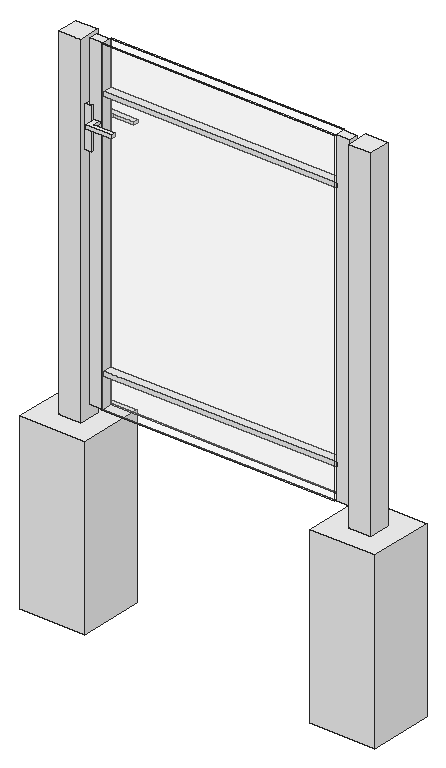
Revit family "NBS_BetafenceLimited_SStlGts_CreazenSingle", category Doors, host Face, Revit 2016
Family settings
  Host = Face
  OmniClass Number = 23.11.25.15.17
  OmniClass Title = Swinging Gates
  Cut with Voids When Loaded = No
  Shared = No
  Room Calculation Point = No
Parameters (values of type "Creazen Single")
  WidthOptions = "1200 mm"
  Width = 1440 mm
  WarrantyStartDate [instance] = "1900-12-31T23:59:59"
  WarrantyGuarantorParts = "n/a"
  WarrantyGuarantorLabor = "n/a"
  WarrantyDurationUnit = "year"
  WarrantyDurationParts = "n/a"
  WarrantyDurationLabor = "n/a"
  WarrantyDescription = "n/a"
  Version = "1"  # constant formula
  UpperHingeOffset = 180 mm
  Uniclass2015Version = "Products v1.6"
  Uniclass2015Title = "Stainless steel gates"
  Uniclass2015Code = "Pr_30_59_34_80"
  ThermalTransmittance = 0
  TagNumber [instance] = "n/a"
  SustainabilityPerformance = "n/a"
  SmokeStop = no
  Size = "To be taken from CAD"
  Shape = "n/a"
  SerialNumber [instance] = "n/a"
  SelfClosing = no
  SecurityRating = "n/a"
  SecurityLevel = "n/a"
  Revision = "n/a"
  ReplacementCost = "n/a"
  Reference = "n/a"
  ProductInformation = "//www.betafence.com/en/creazen-swing-gate"
  Posts = "n/a"
  NominalWidth = Width - PostWidth * 2  # 1240 mm
  NominalLength = 0 mm
  NominalHeight = Height  # 1568 mm
  Name = "StainlessSteelGates_CreazenSingle_BetafenceLimited"
  NBSTypeID = "n/a"
  NBSReference = "45-25-35/313"
  NBSOfficeMasterTag = "n/a"
  NBSNote = "n/a"
  NBSDescription = "Stainless steel gates"
  NBSCertification = "www.nationalbimlibrary.com/cert/hdg2pkf5"
  ModelReference = "Creazen Single"
  ModelNumber = "n/a"
  Material = "steel: Type S235 JRH class 1, in accordance with EN 10219-1"
  ManufacturerURL = "www.betafence.co.uk"
  ManufacturerName = "Betafence Limited"  # constant formula
  Manufacturer = "sales.sheffield@betafence.com"  # constant formula
  LowerHingeOffset = 170 mm
  LeafFrameThickness = 60 mm  # constant formula
  IsExternal = yes
  InstallationDate [instance] = "1900-12-31T23:59:59"
  Infiltration = 0
  IfcExportType = "GATE"  # constant formula
  IfcExportAs = "IfcDoorType"  # constant formula
  HeightOptions = "1495 mm"
  HasFoundation [instance] = yes
  HardwareSecuring = "n/a"
  HardwareOperating = "n/a"
  HardwareHinges = "n/a"
  HandicapAccessible = no
  Grade = "n/a"
  GlazingAreaFraction = 0
  GateLeaves = "n/a"
  FireRating = "n/a"
  FireExit = no
  FinishLayerThickness [instance] = 20 mm
  PostMountDepth = 750 mm
  PostLeafGap = 20 mm  # constant formula
  Operation = "SINGLE_SWING_RIGHT"
  LeafWidth [instance] = Width - PostWidth * 2 - 10 mm - PostLeafGap / 2  # 1220 mm
  LeafThickness = 40 mm  # constant formula
  LeafMaterial = NBS_BetafenceLimited_StainlessSteelGates_Creazen_Grid
  PostWidth = 100 mm  # constant formula
  PostThickness = 100 mm  # constant formula
  Height = 1568 mm
  Function = Exterior
  Frame/MullionMaterial = NBS_Concept
  FoundationWidth [instance] = 300 mm
  FoundationMaterial = NBS_Concept
  FoundationDepth [instance] = 800 mm
  Finish = "Polyester coated"
  Features = "n/a"
  ExpectedLife = "n/a"
  DurationUnit = "year"
  Diameter = 0 mm
  Description = "Swing gate"
  Default Elevation = 0 mm
  Construction Type = "STEEL"
  Constituents = "n/a"
  Color = "Green (RAL 6005), black (RAL 9005)"
  CodePerformance = "CE Marking"
  Category = "Pr_30_59_34_80: Stainless steel gates"
  BarCode [instance] = "n/a"
  BIMObjectName = "NBS_BetafenceLimited_StainlessSteelGates_CreazenSingle"
  Author = "NBS"  # constant formula
  AssetType = "Fixed"
  AssetIdentifier [instance] = "n/a"
  Applications = "n/a"
  AcousticRating = "n/a"
  AccessibilityPerformance = "n/a"
  AccessControl = "n/a"
Reference planes
  plane 1 "Center (Front/Back)": y = 0
  plane 2: z = 0
  plane 3 "Center (Left/Right)": x = 0
  plane 4: x = -720
  plane 5: x = 720
  plane 6: x = -620
  plane 7: x = 620
  plane 8: y = 50
  plane 9: y = -50
  plane 10: z = -750
  plane 11: z = 1568
  plane 12: x = -600
  plane 13: z = 50
  plane 14: x = 600
  plane 15: y = 20
  plane 16: y = -20
  plane 17: y = 30
  plane 18: y = -30
  plane 19: z = -20
  plane 20: z = -820
  plane 21 "LatchPostCL": x = -670
  plane 22 "HingePostCL": x = 670
  plane 23: x = -820
  plane 24: x = -520
  plane 25: y = 150
  plane 26: y = -150
  plane 27: x = 820
  plane 28: x = 520
  plane 29: y = 10
  plane 30: y = -10
  plane 31: z = 1290
  plane 32: z = 1130
  plane 33: x = -460
  plane 34: y = 1378
  plane 35: z = 1508
  plane 36: x = 540
  plane 37: x = -540
  plane 38: z = 110
  plane 39: x = -595
  plane 40: x = -586
  plane 41: y = -29
  plane 42: z = 1104
  plane 43: z = 1294
  plane 44: x = 633
  plane 45: x = 650
  plane 46: x = 690
  plane 47: y = 78
  plane 48: y = 98
  plane 49: z = 170
  plane 50: z = 230
  plane 51: z = 1388
  plane 52: z = 1328
  plane 53: x = 627
  plane 54: z = 200
  plane 55: z = 1358
  plane 56: x = 622
  plane 57: x = 582
  plane 58: y = 158
  plane 59: y = -75
  plane 60: y = 75
  plane 61: y = -54
  plane 62: y = 54
  plane 63: x = -565
  plane 64: z = 1232
  plane 65: z = 1239
  plane 66: z = 1225
  plane 67: x = -554
  plane 68: x = -576
  plane 69: x = -457
  plane 70: z = 210
  plane 71: z = 190
  plane 72: z = 1368
  plane 73: z = 1348
  plane 74: y = 70
  plane 75: z = 217
  plane 76: z = 183
  plane 77: z = 1375
  plane 78: z = 1341
Forms (mm)
  Extrusion 1, solid, material "NBS_Concept" <- "Frame/MullionMaterial"
    sketch origin (0, 0, 0) x (1, 0, 0) y (0, 1, 0)
      loop
        line (-720, 50) -> (-720, -50) -> (-620, -50) -> (-620, 50) -> (-720, 50)
      loop
        line (620, 50) -> (620, -50) -> (720, -50) -> (720, 50) -> (620, 50)
    from -750 to 1568
  Extrusion 2, solid, material "NBS_Concept" <- "Frame/MullionMaterial", detail levels medium+fine
    sketch origin (0, 0, 0) x (1, 0, 0) y (0, 0, 1)
      loop
        line (-600, 1568) -> (-600, 50) -> (-540, 50) -> (-540, 1568) -> (-600, 1568)
      loop
        line (600, 50) -> (600, 1568) -> (540, 1568) -> (540, 50) -> (600, 50)
    from -20 to 20
  Extrusion 3, solid, material "NBS_BetafenceLimited_StainlessSteelGates_Creazen_Grid" <- "LeafMaterial", detail levels medium+fine
    sketch origin (0, 0, 0) x (1, 0, 0) y (0, 0, 1)
      loop
        line (-540, 1568) -> (-540, 50) -> (540, 50) -> (540, 1568) -> (-540, 1568)
    from 20 to 30
  Extrusion 4, void
    sketch origin (0, 0, 0) x (1, 0, 0) y (0, 1, 0)
      loop
        line (-720, 50) -> (-720, -50) -> (-620, -50) -> (-620, 50) -> (-720, 50)
      loop
        line (620, 50) -> (620, -50) -> (720, -50) -> (720, 50) -> (620, 50)
    from -750 to 0
  Extrusion 5, void
    sketch origin (0, 0, 0) x (1, 0, 0) y (0, 1, 0)
      loop
        line (-820, 150) -> (-820, -150) -> (-520, -150) -> (-520, 150) -> (-820, 150)
      loop
        line (520, 150) -> (520, -150) -> (820, -150) -> (820, 150) -> (520, 150)
    from -820 to -20
  Extrusion 6, solid, material "NBS_Concept" <- "FoundationMaterial", visible <- "HasFoundation"
    sketch origin (0, 0, 0) x (1, 0, 0) y (0, 1, 0)
      loop
        line (-820, 150) -> (-820, -150) -> (-520, -150) -> (-520, 150) -> (-820, 150)
      loop
        line (520, 150) -> (520, -150) -> (820, -150) -> (820, 150) -> (520, 150)
    from -820 to -20
  Extrusion 7, solid, material "NBS_BetafenceLimited_StainlessSteelGates_Creazen_Grid" <- "LeafMaterial", detail levels coarse
    sketch origin (0, 0, 0) x (1, 0, 0) y (0, 0, 1)
      loop
        line (-600, 1568) -> (-600, 50) -> (600, 50) -> (600, 1568) -> (-600, 1568)
    from -30 to 30
  Extrusion 8, solid, material "NBS_Concept" <- "Frame/MullionMaterial", detail levels medium+fine
    sketch origin (0, 0, 0) x (1, 0, 0) y (0, 1, 0)
      loop
        line (-595, 20) -> (-620, 20) -> (-620, -29) -> (-586, -29) -> (-586, -20) -> (-595, -20) -> (-595, 20)
    from 1104 to 1294
  Extrusion 9, solid, material "NBS_Concept" <- "Frame/MullionMaterial", detail levels fine
    sketch origin (0, 0, 0) x (1, 0, 0) y (0, 1, 0)
      loop
        line (650, 78) -> (650, 50) -> (690, 50) -> (690, 78)
        arc (690, 78) -> (670, 98) -> (650, 78) r 20
    from 170 to 230
  Extrusion 10, solid, material "NBS_Concept" <- "Frame/MullionMaterial", detail levels medium
    sketch origin (0, 0, 0) x (1, 0, 0) y (0, 1, 0)
      loop
        line (650, 98) -> (650, 50) -> (690, 50) -> (690, 98) -> (650, 98)
    from 170 to 230
  Extrusion 11, solid, material "NBS_Concept" <- "Frame/MullionMaterial", detail levels coarse
    sketch origin (0, 0, 0) x (1, 0, 0) y (0, 1, 0)
      loop
        line (650, 98) -> (650, 50) -> (690, 50) -> (690, 98) -> (650, 98)
    from 1328 to 1388
  Extrusion 12, solid, material "NBS_Concept" <- "Frame/MullionMaterial", detail levels medium+fine
    sketch origin (0, 0, 0) x (1, 0, 0) y (0, 1, 0)
      loop
        line (650, 78) -> (650, 50) -> (690, 50) -> (690, 78)
        arc (690, 78) -> (670, 98) -> (650, 78) r 20
    from 1328 to 1388
  Extrusion 13, solid, material "NBS_Concept" <- "Frame/MullionMaterial", detail levels medium+fine
    sketch origin (0, 0, 0) x (1, 0, 0) y (0, 1, 0)
      loop
        line (-554, -54) -> (-554, 54) -> (-457, 54) -> (-457, 75) -> (-576, 75) -> (-576, -75) -> (-457, -75) -> (-457, -54) -> (-554, -54)
    from 1225 to 1239
  Extrusion 14, solid, material "NBS_BetafenceLimited_StainlessSteelGates_Creazen_Grid", detail levels medium+fine
    sketch origin (0, 0, 0) x (1, 0, 0) y (0, 0, 1)
      loop
        line (-540, 1568) -> (-540, 50) -> (540, 50) -> (540, 1568) -> (-540, 1568)
    from -30 to -20
  Extrusion 15, solid, material "NBS_Concept" <- "Frame/MullionMaterial", detail levels medium+fine
    sketch origin (0, 0, 0) x (1, 0, 0) y (0, 0, 1)
      loop
        line (540, 1368) -> (-540, 1368) -> (-540, 1348) -> (540, 1348) -> (540, 1368)
      loop
        line (540, 190) -> (540, 210) -> (-540, 210) -> (-540, 190) -> (540, 190)
    from -20 to 20
  Sweep 16, solid, material "NBS_Concept" <- "Frame/MullionMaterial", detail levels medium+fine
    path origin (0, 0, 0) x (1, 0, 0) y (0, 1, 0)
      loop
        line (670, 70) -> (614, 70)
        arc (614, 70) -> (604.101, 65.899) -> (600, 56) r 14
        line (600, 56) -> (600, -20)
    profile origin (642, 70, 0) x (0, -1, 0) y (0, 0, 1)
      loop
        line (0, 1375) -> (0, 1341) -> (3, 1341) -> (3, 1375) -> (0, 1375)
      loop
        line (0, 217) -> (0, 183) -> (3, 183) -> (3, 217) -> (0, 217)
Cuts and joins
  Extrusion 4 cuts Extrusion 6
Lines and regions (mm)
  symbolic lines, style "DoorsPanelProjection", detail levels medium+fine
    curve 1: line (622, 1378, 0) -> (622, 158, 0)
    curve 2: line (622, 1378, 0) -> (582, 1378, 0)
    curve 3: line (582, 1378, 0) -> (582, 158, 0)
    curve 4: line (582, 158, 0) -> (622, 158, 0)
  symbolic lines, style "Plan Swing", detail levels medium+fine
    curve 5: arc (-600, 20, 0) -> (-308.112, 959.346, 0) -> (582, 1378, 0) r 1220
  symbolic lines, style "Plan Swing", detail levels coarse
    curve 6: arc (670, 1378, 0) -> (-257.685, 988.714, 0) -> (-629.778, 54, 0) r 1300
  symbolic lines, style "DoorsPanelProjection", detail levels coarse
    curve 7: line (670, 50, 0) -> (670, 1378, 0)
Dimensions and locks
  equal spacing: plane 8, plane 1 "Center (Front/Back)", plane 9
  "PostThickness": plane 8 to plane 9
  "PostMountDepth": plane 2 to plane 10
  "Height": plane 11 to plane 2
  "PostLeafGap": plane 7 to plane 14
  "PostWidth": plane 6 to plane 4
  "PostWidth": plane 7 to plane 5
  "Width": plane 5 to plane 4
  equal spacing: plane 5, plane 3 "Center (Left/Right)", plane 4
  equal spacing: plane 15, plane 1 "Center (Front/Back)", plane 16
  "LeafThickness": plane 15 to plane 16
  equal spacing: plane 17, plane 1 "Center (Front/Back)", plane 18
  equal spacing: plane 6, plane 21 "LatchPostCL", plane 4
  equal spacing: plane 7, plane 22 "HingePostCL", plane 5
  locked: plane 13 to plane 2 at 50
  "FinishLayerThickness": plane 2 to plane 19
  equal spacing: plane 23, plane 21 "LatchPostCL", plane 24
  "FoundationWidth": plane 23 to plane 24
  equal spacing: plane 25, plane 1 "Center (Front/Back)", plane 26
  "FoundationWidth": plane 25 to plane 26
  equal spacing: plane 28, plane 22 "HingePostCL", plane 27
  "FoundationWidth": plane 28 to plane 27
  "FoundationDepth": plane 19 to plane 20
  equal spacing: plane 30, plane 1 "Center (Front/Back)", plane 29
  locked: plane 30 to plane 29 at 20
  locked: plane 31 to plane 32 at 160
  locked: plane 31 to plane 13 at 1240
  "PostLeafGap": plane 6 to plane 12
  "LeafWidth": plane 58 to plane 34
  "LeafFrameThickness": plane 37 to plane 12
  "LeafFrameThickness": plane 14 to plane 36
  "LeafFrameThickness": plane 11 to plane 35
  "LeafFrameThickness": plane 38 to plane 13
  locked: plane 33 to plane 12 at 140
  locked: plane 6 to plane 39 at 25
  locked: plane 6 to plane 40 at 34
  locked: plane 16 to plane 41 at 9
  locked: plane 43 to plane 31 at 4
  locked: plane 32 to plane 42 at 26
  locked: plane 14 to plane 44 at 33
  equal spacing: plane 45, plane 22 "HingePostCL", plane 46
  locked: plane 45 to plane 46 at 40
  locked: plane 47 to plane 8 at 28
  locked: plane 48 to plane 8 at 48
  "LowerHingeOffset": plane 49 to plane 2
  locked: plane 50 to plane 49 at 60
  "UpperHingeOffset": plane 11 to plane 51
  locked: plane 51 to plane 52 at 60
  locked: plane 53 to plane 44 at 6
  equal spacing: plane 51, plane 55, plane 52
  equal spacing: plane 50, plane 54, plane 49
  locked: plane 56 to plane 22 "HingePostCL" at 48
  "LeafThickness": plane 57 to plane 56
  locked: plane 58 to plane 47 at 80
  locked: plane 16 to plane 59 at 55
  locked: plane 15 to plane 60 at 55
  locked: plane 61 to plane 59 at 21
  locked: plane 60 to plane 62 at 21
  locked: plane 12 to plane 63 at 35
  locked: plane 31 to plane 64 at 58
  equal spacing: plane 65, plane 64, plane 66
  locked: plane 65 to plane 66 at 14
  equal spacing: plane 68, plane 63, plane 67, locked at 11 each
  locked: plane 68 to plane 67 at 22
  locked: plane 63 to plane 69 at 108
  locked: plane 8 to plane 18 at 80
  equal spacing: plane 72, plane 55, plane 73
  locked: plane 72 to plane 73 at 20
  equal spacing: plane 70, plane 54, plane 71
  locked: plane 70 to plane 71 at 20
  locked: plane 74 to plane 8 at 20
  locked: plane 77 to plane 72 at 7
  locked: plane 73 to plane 78 at 7
  locked: plane 75 to plane 70 at 7
  locked: plane 71 to plane 76 at 7
  "LeafWidth": radius of curve 5
  aligned and locked: plane 2 to host face
  aligned and locked: level to host face
  aligned and locked: Extrusion 1 sketch curve to plane 8  (x2)
  aligned and locked: plane 4 to Extrusion 1 sketch curve
  aligned and locked: plane 9 to Extrusion 1 sketch curve  (x2)
  aligned and locked: Extrusion 1 sketch curve to plane 6
  aligned and locked: Extrusion 1 sketch curve to plane 7
  aligned and locked: plane 5 to Extrusion 1 sketch curve
  aligned and locked: plane 10 to Extrusion 1
  aligned and locked: Extrusion 1 to plane 11
  aligned and locked: plane 11 to Extrusion 2 sketch curve
  aligned and locked: plane 12 to Extrusion 2 sketch curve
  aligned and locked: plane 13 to Extrusion 2 sketch curve
  aligned and locked: Extrusion 2 sketch curve to plane 14
  aligned and locked: Extrusion 2 to plane 15
  aligned and locked: Extrusion 2 to plane 16
  aligned and locked: Extrusion 3 to plane 18
  aligned and locked: Extrusion 4 sketch curve to Extrusion 1  (x8)
  aligned and locked: plane 10 to Extrusion 4
  aligned and locked: plane 2 to Extrusion 4
  aligned and locked: Extrusion 5 sketch curve to plane 25  (x2)
  aligned and locked: plane 23 to Extrusion 5 sketch curve
  aligned and locked: plane 26 to Extrusion 5 sketch curve  (x2)
  aligned and locked: plane 24 to Extrusion 5 sketch curve
  aligned and locked: plane 28 to Extrusion 5 sketch curve
  aligned and locked: plane 27 to Extrusion 5 sketch curve
  aligned and locked: Extrusion 5 to plane 19
  aligned and locked: plane 20 to Extrusion 5
  aligned and locked: Extrusion 6 sketch curve to plane 25  (x2)
  aligned and locked: plane 23 to Extrusion 6 sketch curve
  aligned and locked: plane 26 to Extrusion 6 sketch curve  (x2)
  aligned and locked: plane 24 to Extrusion 6 sketch curve
  aligned and locked: plane 28 to Extrusion 6 sketch curve
  aligned and locked: plane 27 to Extrusion 6 sketch curve
  aligned and locked: plane 20 to Extrusion 6
  aligned and locked: Extrusion 6 to plane 19
  aligned and locked: Extrusion 7 sketch curve to Extrusion 2  (x4)
  aligned and locked: plane 36 to Extrusion 2 sketch curve
  aligned and locked: Extrusion 2 sketch curve to plane 37
  aligned and locked: Extrusion 3 sketch curve to plane 36
  aligned and locked: plane 37 to Extrusion 3 sketch curve
  aligned and locked: Extrusion 8 sketch curve to plane 15
  aligned and locked: Extrusion 8 sketch curve to plane 6
  aligned and locked: Extrusion 8 sketch curve to plane 41
  aligned and locked: Extrusion 8 sketch curve to plane 40
  aligned and locked: Extrusion 8 sketch curve to plane 39
  aligned and locked: plane 16 to Extrusion 8 sketch curve
  aligned and locked: Extrusion 8 to plane 42
  aligned and locked: plane 43 to Extrusion 8
  aligned and locked: Extrusion 9 sketch curve to plane 45
  aligned and locked: Extrusion 9 sketch curve to plane 46
  aligned and locked: Extrusion 9 sketch curve to plane 8
  aligned and locked: Extrusion 9 to plane 49
  aligned and locked: plane 50 to Extrusion 9
  aligned and locked: Extrusion 10 sketch curve to plane 48
  aligned and locked: Extrusion 10 sketch curve to plane 46
  aligned and locked: Extrusion 10 sketch curve to plane 45
  aligned and locked: Extrusion 10 sketch curve to plane 8
  aligned and locked: Extrusion 10 to plane 49
  aligned and locked: plane 50 to Extrusion 10
  aligned and locked: Extrusion 11 sketch curve to plane 45
  aligned and locked: Extrusion 11 sketch curve to plane 46
  aligned and locked: Extrusion 11 sketch curve to plane 48
  aligned and locked: Extrusion 11 sketch curve to plane 8
  aligned and locked: Extrusion 11 to plane 52
  aligned and locked: plane 51 to Extrusion 11
  aligned and locked: Extrusion 12 sketch curve to plane 45
  aligned and locked: Extrusion 12 sketch curve to plane 46
  aligned and locked: Extrusion 12 sketch curve to plane 8
  aligned and locked: Extrusion 12 to plane 52
  aligned and locked: plane 51 to Extrusion 12
  aligned and locked: plane 58 to curve 4
  aligned and locked: Extrusion 13 sketch curve to plane 61
  aligned and locked: Extrusion 13 sketch curve to plane 69  (x2)
  aligned and locked: Extrusion 13 sketch curve to plane 59
  aligned and locked: Extrusion 13 sketch curve to plane 68
  aligned and locked: Extrusion 13 sketch curve to plane 67
  aligned and locked: Extrusion 13 sketch curve to plane 62
  aligned and locked: Extrusion 13 sketch curve to plane 60
  aligned and locked: Extrusion 13 to plane 66
  aligned and locked: plane 65 to Extrusion 13
  aligned and locked: plane 11 to Extrusion 3 sketch curve
  aligned and locked: plane 13 to Extrusion 3 sketch curve
  aligned and locked: plane 16 to Extrusion 3
  aligned and locked: Extrusion 7 to plane 18
  aligned and locked: Extrusion 7 to plane 17
  aligned and locked: Extrusion 14 sketch curve to plane 37
  aligned and locked: Extrusion 14 sketch curve to plane 13
  aligned and locked: Extrusion 14 sketch curve to plane 36
  aligned and locked: Extrusion 14 sketch curve to plane 11
  aligned and locked: Extrusion 14 to plane 17
  aligned and locked: plane 15 to Extrusion 14
  aligned and locked: Extrusion 15 sketch curve to plane 72
  aligned and locked: Extrusion 15 sketch curve to plane 73
  aligned and locked: Extrusion 15 sketch curve to plane 36
  aligned and locked: Extrusion 15 sketch curve to plane 37
  aligned and locked: Extrusion 15 sketch curve to plane 71
  aligned and locked: Extrusion 15 sketch curve to plane 70
  aligned and locked: Extrusion 15 to plane 15
  aligned and locked: Extrusion 15 to plane 16
  aligned and locked: plane 74 to Sweep 16 sketch curve
  aligned and locked: plane 75 to Sweep 16 sketch curve
  aligned and locked: plane 76 to Sweep 16 sketch curve
  aligned and locked: plane 78 to Sweep 16 sketch curve
  aligned and locked: plane 77 to Sweep 16 sketch curve
  aligned and locked: plane 34 to curve 7
  aligned and locked: curve 7 to plane 22 "HingePostCL"
  aligned and locked: plane 8 to curve 7
  aligned and locked: curve 2 to plane 34
  aligned and locked: curve 3 to plane 57
  aligned and locked: curve 1 to plane 56
  aligned and locked: plane 62 to curve 6
  aligned and locked: plane 12 to curve 5
  aligned and locked: plane 15 to curve 5
  aligned and locked: plane 22 "HingePostCL" to curve 6
  aligned and locked: plane 47 to curve 6
Automatic sketch dimensions
  host sketch curve to host sketch curve = 2438.4 mm  (x2)
  Extrusion 6 sketch curve to plane 26 = 0 mm
  Extrusion 9 sketch curve to plane 47 = 0 mm
  Extrusion 12 sketch curve to plane 47 = 0 mm
  Extrusion 2 sketch curve to plane 11 = 0 mm
  Extrusion 2 sketch curve to plane 13 = 0 mm
  Extrusion 15 sketch curve to plane 37 = 0 mm
  Extrusion 15 sketch curve to plane 36 = 0 mm
  Sweep 16 sketch curve to plane 14 = 0 mm
  Sweep 16 sketch curve to plane 74 = 0 mm
  Sweep 16 sketch curve to plane 22 "HingePostCL" = 0 mm
  Sweep 16 sketch curve to plane 16 = 0 mm
  plane 62 to Sweep 16 sketch curve = 2 mm
  Sweep 16 sketch curve to Sweep 16 sketch curve = 0 mm
  Sweep 16 sketch curve to profile plane = 0 mm
  Sweep 16 sketch curve to profile plane = 3 mm
